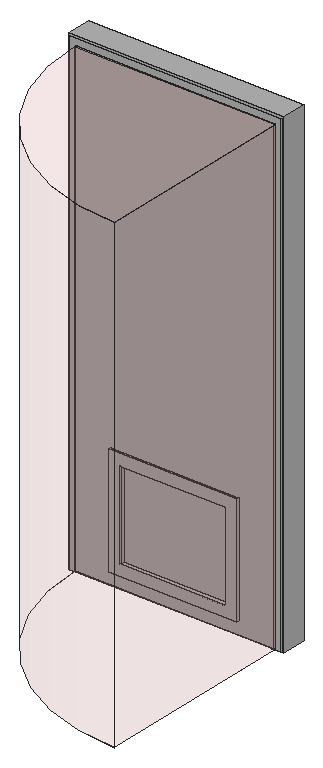
Revit family "ASSA ABLOY - ALPE Ss 60-1, signle-leaf, louver, block frame", category Doors, host Wall, Revit 2021
Family settings
  Host = Wall
  OmniClass Number = 23.30.10.00
  OmniClass Title = Doors
  Always vertical = Yes
  Cut with Voids When Loaded = No
  Shared = No
  Room Calculation Point = No
Parameters (values of type "800 x 2100 (803 x 2109)")
  Louver Visibility = Door Leaf Width > 560.000 mm  # yes
  Louver Height Range = if(Louver Height < 160.000 mm, 160.000 mm, if(Louver Height > 800.000 mm, 800.000 mm, Louver Height))  # 400.000 mm
  URL = "https://www.assaabloy.com/pl/pl"
  Type Comments = "Door leaf made of two pressed galvanised steel sheets 1,25mm thick. Filled with mineral wool glued to the sheets with polyurethane adhesive. Door with 3-sided thin rebate."
  Symbol Radius = Door Leaf Width + 9.500 mm  # 910.200 mm
  Rough Width Real = Width Round + Rough Width Conversion + Rough Width Adjustment  # 977.500 mm
  Rough Width Conversion = 177.500 mm  # constant formula
  Rough Width Adjustment = 0.000 mm  # constant formula
  Rough Height Real = Height Round + Rough Height Conversion + Rough Height Adjustment  # 2181.000 mm
  Rough Height Conversion = 81.000 mm  # constant formula
  Rough Height Adjustment = 0.000 mm  # constant formula
  Resset Value [instance] = 20.000 mm
  Opening Zone [instance] = yes
  Model = "Doorset_Steel evacuation (EN 1125) fireproof door EI60 with louvers_ASSA ABLOY Opening Solutions_Hardware 3D"
  Louver Width = if(Door Leaf Width < 700.000 mm, 300.000 mm, if(Door Leaf Width - 420.000 mm > 800.000 mm, 800.000 mm, if(Door Leaf Width < 400.000 mm, 400.000 mm, Door Leaf Width - 420.000 mm)))  # 480.700 mm
  Louver Material = Louver
  Louver Height = 400.000 mm  # constant formula
  Hinges Material = Default steel
  HW Item 9 = "1x 206253: Vercy door stopper, max 120 kg_ASSA ABLOY (option)"
  HW Item 8 = "1x Rosette set PZPZ_Standard ASSA ABLOY"
  Frame Finish [instance] = ""
  Fire Rating = "EI60"  # constant formula
  Width Round = roundup((Width / 5.000 mm)) * 5.000 mm  # 800.000 mm
  Thickness = 63.000 mm  # constant formula
  Smoke Rating = "n/a"
  Rough Width = Width Round + Rough Width Conversion + Rough Width Adjustment + 2.500 mm  # 980.000 mm
  Rough Height = Height Round + Rough Height Conversion + Rough Height Adjustment + 9.000 mm  # 2190.000 mm
  Readme = "The actual lintel height is consistent with the Rough Height parameter.\r\nThe final HW Set should be consistent with the function of the door and its  parameters.\r\nHardware mounted on door surface may affect the clear passage opening. For verification, please contact the specification department.\r\nIf you would like to change panic device to another one, please contact the specification team to verify opening and new solution compatibility."
  Provider = "ASSA ABLOY Opening Solutions"
  Product Group = "Single-Steel-Evacuation (EN 1125)"
  Name = "Steel evacuation (EN 1125) fireproof door EI60 with louvers"
  Min Door Width = 600.000 mm
  Min Door Height = 690.000 mm
  Mechanical Strength = 4
  Max Door Width = 1230.000 mm
  Max Door Height = 2500.000 mm
  Manufacturer = "ASSA ABLOY"  # constant formula
  IfcExportType = "USERDEFINED"
  IfcExportAs = "IfcDoorType"
  Height Round = roundup((Height / 5.000 mm)) * 5.000 mm  # 2100.000 mm
  Hardware Set = "2.4PL"
  HW Item 7 = "1x Handle_Standard ASSA ABLOY"
  HW Item 6 = "1x N2000: One System panic device (EN1125), type A (crossbar)_ASSA ABLOY"
  HW Item 5 = "1x SK6 Radius: euro profile cylinder_IKON"
  HW Item 4 = "1x N11xx: mechanical, panic mortice lockcase_ASSA ABLOY"
  HW Item 3 = "1x A153: mechanical opening damper_ASSA ABLOY (option)"
  HW Item 2 = "1x G195: door closer guide rail_ASSA ABLOY"
  HW Item 1 = "1x DC700/ DC500: door closer, Cam-Motion®_ASSA ABLOY"
  Function = Interior
  Height = 2100.000 mm
  Wall Closure = By host
  Width = 800.000 mm
  Frame Type = "Welded steel block frame, made of galvanised sheet 1,5mm thick."
  Frame Material = Default steel
  Family name = "2.4_DOORSET_ALPE Ss 60-1_SINGLE-LEAF_BLOCK FRAME_ASSA ABLOY PL"
  Environmental Product Declaration (EPD) = "To be confirmed with Provider"  # constant formula
  Environmental Management System = "To be confirmed with Provider"  # constant formula
  Edition number = "1"
  Door Type = "ALPE Ss 60-1"
  Door Material = Default steel
  Door Leaf Width = Width Round + Rough Width Adjustment + 100.700 mm  # 900.700 mm
  Door Finish Push Side [instance] = ""
  Door Finish Pull Side [instance] = ""
  Description = ""
  Date of publishing = ""
  Contact Provider = "https://www.assaabloy.com/pl/pl/solutions/topics/bim-specification/contact"
  Brand = "ASSA ABLOY Mercor Doors Sp. z o. o."  # constant formula
  Author = "www.archispace.pl"
Types (7, lengths in mm): name | Louver Visibility | Symbol Radius | Rough Width Real | Rough Height Real | Louver Width | Width Round | Rough Width | Rough Height | Height Round | Height | Width | Door Leaf Width
  800 x 2100 (803 x 2109) | yes | 910.200 | 977.500 | 2181.000 | 480.700 | 800.000 | 980.000 | 2190.000 | 2100.000 | 2100.000 | 800.000 | 900.700
  900 x 2100 (903 x 2109) | yes | 1010.200 | 1077.500 | 2181.000 | 580.700 | 900.000 | 1080.000 | 2190.000 | 2100.000 | 2100.000 | 900.000 | 1000.700
  1000 x 2100 (1003 x 2109) | yes | 1110.200 | 1177.500 | 2181.000 | 680.700 | 1000.000 | 1180.000 | 2190.000 | 2100.000 | 2100.000 | 1000.000 | 1100.700
  600 x 690 (603 x 699) | no | 400.200 | 467.500 | 771.000 | 300.000 | 290.000 | 470.000 | 780.000 | 690.000 | 690.000 | 290.000 | 390.700
  1100 x 2100 (1103 x 2109) | yes | 1210.200 | 1277.500 | 2181.000 | 780.700 | 1100.000 | 1280.000 | 2190.000 | 2100.000 | 2100.000 | 1100.000 | 1200.700
  1200 x 2100 (1203 x 2109) | yes | 1310.200 | 1377.500 | 2181.000 | 800.000 | 1200.000 | 1380.000 | 2190.000 | 2100.000 | 2100.000 | 1200.000 | 1300.700
  1230 x 2500 (1233 x 2509) | yes | 1340.200 | 1407.500 | 2581.000 | 800.000 | 1230.000 | 1410.000 | 2590.000 | 2500.000 | 2500.000 | 1230.000 | 1330.700
Reference planes
  plane 1: y = 0
  plane 2 "Center (Left/Right)": x = 0
  plane 3: z = 2190
  plane 4 "Exterior": y = 120
  plane 5 "Interior": y = -120
  plane 6: x = -488.75
  plane 7: x = 488.75
  plane 8: z = 2100
  plane 9: y = -20
  plane 10: y = -36
  plane 11: y = 17.5
  plane 12: y = 20
  plane 13: y = -129
  plane 14: x = -431.35
  plane 15: x = 431.35
  plane 16: z = 2163.6
  plane 17: z = 5
  plane 18: y = -108
  plane 19: x = 459.85
  plane 20: x = -490
  plane 21: x = 490
  plane 22: x = -407.75
  plane 23: x = 407.75
  plane 24: z = 2181
  plane 25: y = -100
  plane 26: x = -429.75
  plane 27: y = -58.181
  plane 28: x = -366.35
  plane 29: z = 1055
  plane 30: z = 985
  plane 31: z = 2193
  plane 32: x = 397.75
  plane 33: z = 200
  plane 34: z = 247.5
  plane 35: z = 152.5
  plane 36: x = -249.1
  plane 37: x = -240.35
  plane 38: x = 240.35
  plane 39: x = 249.1
  plane 40: z = 105
  plane 41: z = 113.75
  plane 42: z = 513.75
  plane 43: z = 522.5
Forms (mm)
  Sweep 1, solid, material "Default steel" <- "Frame Material"
    path origin (0, -120, 0) x (1, 0, 0) y (0, 0, 1)
      loop
        line (-488.75, 0) -> (-488.75, 2181) -> (488.75, 2181) -> (488.75, 0)
    profile origin (-488.75, -120, 1090.5) x (-1, 0, 0) y (0, -1, 0)
      loop
        line (-10, -20) -> (-52, -20) -> (-52, -100) -> (-59, -100) -> (-59, -84) -> (-81, -84) -> (-81, -140) -> (-10, -140) -> (-10, -137.5) -> (0, -137.5) -> (0, -22.5) -> (-10, -22.5) -> (-10, -20)
  Sweep 2, solid, material "Default steel" <- "Door Material"
    path origin (-5000, -120, 0) x (1, 0, 0) y (0, 0, 1)
      loop
        line (4568.65, 5) -> (4568.65, 2123.6) -> (5431.35, 2123.6) -> (5431.35, 5)
    profile origin (0, -120, 2123.6) x (0, 0, 1) y (0, -1, 0)
      loop
        line (0, -19) -> (19, -19) -> (19, -16.6) -> (0, -16.6) -> (0, -19)
  Sweep 3, solid, material "Default steel" <- "Door Material"
    path origin (-5000, -120, 0) x (1, 0, 0) y (0, 0, 1)
      loop
        line (5000, 5) -> (5000, 2123.6)
    profile origin (0, -120, 1064.3) x (-1, 0, 0) y (0, -1, 0)
      loop
        line (431.35, -79.6) -> (431.35, -16.6) -> (-431.35, -16.6) -> (-431.35, -79.6) -> (431.35, -79.6)
  Sweep 4, solid, material "Opening zone", visible <- "Opening Zone"
    path origin (-4946, 0, 0) x (-1, 0, 0) y (0, 0, 1)
      loop
        line (-5000, 5) -> (-5000, 2142.6)
    profile origin (54, 0, 1073.8) x (1, 0, 0) y (0, 1, 0)
      loop
        line (405.85, -108) -> (-504.35, -108)
        arc (-504.35, -108) -> (-237.759, -751.609) -> (405.85, -1018.2) r 910.2
        line (405.85, -1018.2) -> (405.85, -108)
  Sweep 5, solid, material "Default steel" <- "Door Material", visible <- "Louver Visibility"
    path origin (-431.35, -103.4, 5) x (0, 0, 1) y (-1, 0, 0)
      loop
        line (517.5, -182.25) -> (100, -182.25) -> (100, -680.45) -> (517.5, -680.45) -> (517.5, -182.25)
    profile origin (0, -103.4, 522.5) x (0, 0, 1) y (0, -1, 0)
      loop
        line (-8.75, -76) -> (41.25, -76) -> (41.25, -63) -> (0, -63) -> (0, 0) -> (41.25, 0) -> (41.25, 13) -> (-8.75, 13) -> (-8.75, -76)
  Sweep 6, solid, material "Louver" <- "Louver Material", visible <- "Louver Visibility"
    path origin (0, -120, 0) x (1, 0, 0) y (0, 0, 1)
      loop
        line (0, 113.75) -> (0, 513.75)
    profile origin (0, -120, 313.75) x (-1, 0, 0) y (0, -1, 0)
      loop
        line (240.35, -72.1) -> (240.35, -24.1) -> (-240.35, -24.1) -> (-240.35, -72.1) -> (240.35, -72.1)
  Sweep 7, void
    path origin (-5000, 0, 0) x (-1, 0, 0) y (0, 0, 1)
      loop
        line (-5000, 522.5) -> (-5000, 105)
    profile origin (0, 0, 313.75) x (0, 1, 0) y (-1, 0, 0)
      loop
        line (-40.4, 240.35) -> (-103.4, 240.35) -> (-103.4, -240.35) -> (-40.4, -240.35) -> (-40.4, 240.35)
Cuts and joins
  Sweep 7 cuts Sweep 3
  joined: Sweep 2, Sweep 3
Lines and regions (mm)
  Masking region 1, detail levels fine
    outline origin (-1177.682, -300, 2052) x (-1, 0, 0) y (0, -1, 0)
      loop
        line (-769.932, -264) -> (-769.932, -320) -> (-698.932, -320) -> (-698.932, -317.5) -> (-688.932, -317.5) -> (-688.932, -202.5) -> (-698.932, -202.5) -> (-698.932, -200) -> (-740.932, -200) -> (-740.932, -280) -> (-747.932, -280) -> (-747.932, -264) -> (-769.932, -264)
      loop
        line (-1585.432, -264) -> (-1607.432, -264) -> (-1607.432, -280) -> (-1614.432, -280) -> (-1614.432, -200) -> (-1656.432, -200) -> (-1656.432, -202.5) -> (-1666.432, -202.5) -> (-1666.432, -317.5) -> (-1656.432, -317.5) -> (-1656.432, -320) -> (-1585.432, -320) -> (-1585.432, -264)
  Masking region 2, detail levels medium
    outline origin (-1132.682, -300, 2052) x (-1, 0, 0) y (0, -1, 0)
      loop
        line (-643.932, -320) -> (-643.932, -200) -> (-724.932, -200) -> (-724.932, -320) -> (-643.932, -320)
      loop
        line (-1621.432, -320) -> (-1540.432, -320) -> (-1540.432, -200) -> (-1621.432, -200) -> (-1621.432, -320)
  Masking region 3, detail levels fine
    outline origin (-1132.682, -300, 2052) x (-1, 0, 0) y (0, -1, 0)
      loop
        circle (-1592.532, -192) r 9.5
  Opening 1
    outline origin (-5000, -120, 0) x (1, 0, 0) y (0, 0, 1)
      loop
        line (4510, 2190) -> (4510, 0) -> (5490, 0) -> (5490, 2190) -> (4510, 2190)
  symbolic lines, style "Elevation Swing"
    curve 1: line (-407.75, -120, 1095) -> (407.75, -120, 2100)
    curve 2: line (-407.75, -120, 1095) -> (407.75, -120, 5)
Text (mm)
  text "Exterior" at (-1376.75, 1099.543, 0), in view "Ref. Level"
  text "Exterior" at (0, 1615.38, 3698.081), in view "Left"
  text "Exterior" at (0, 1036.032, 3874.932), in view "Right"
Dimensions and locks
  "Rough Height": plane 3 to host wall
  equal spacing: host wall, curve 2, plane 3
  host wall to plane 3 = 2190.000 mm
  locked: plane 4 "Exterior" to host wall
  locked: plane 5 "Interior" to host wall
  equal spacing: plane 6, plane 2 "Center (Left/Right)", plane 7
  "Rough Width Real": plane 6 to plane 7
  "Height": plane 8 to level
  locked: plane 13 to plane 5 "Interior" at 9
  locked: plane 9 to plane 10 at 16
  locked: plane 15 to plane 7 at 57.4
  locked: plane 17 to level at 5
  locked: plane 6 to Masking region 2 sketch curve at 81
  equal spacing: plane 21, plane 2 "Center (Left/Right)", plane 20
  "Rough Width": plane 21 to plane 20
  locked: plane 6 to plane 14 at 57.4
  locked: plane 6 to plane 22 at 81
  locked: plane 23 to plane 7 at 81
  "Rough Height Real": plane 24 to level
  locked: plane 24 to plane 16 at 17.4
  plane 22 to nested 1 = 800.000 mm
  plane 24 to level = 2181.000 mm
  locked: Sweep 2 sketch curve to Sweep 2 sketch curve at 19
  "Resset Value": plane 5 "Interior" to plane 25
  locked: plane 12 to plane 25 at 120
  locked: plane 12 to plane 11 at 2.5
  locked: plane 26 to plane 22 at 22
  locked: plane 6 to Masking region 1 sketch curve at 10
  locked: plane 6 to Masking region 1 sketch curve at 52
  locked: profile plane to Sweep 1 sketch curve at 10
  locked: plane 12 to plane 9 at 40
  Sweep 1 to plane 7 = 52.000 mm
  plane 23 to Masking region 1 sketch curve = 22.000 mm
  locked: Masking region 1 sketch curve to plane 7 at 10
  plane 19 to plane 7 = 28.900 mm
  locked: plane 25 to plane 18 at 8
  locked: plane 12 to nested 1 at 137.5
  locked: nested 1 to plane 19 at 4.6
  locked: plane 8 to Sweep 3 sketch curve at 23.6
  locked: plane 10 to Sweep 3 sketch curve at 4.4
  locked: Sweep 3 sketch curve to Sweep 3 sketch curve at 63
  locked: plane 25 to Sweep 2 sketch curve at 1
  locked: Sweep 2 sketch curve to Sweep 2 sketch curve at 2.4
  locked: Sweep 2 sketch curve to plane 8 at 23.6
  locked: plane 16 to Sweep 2 sketch curve at 21
  locked: plane 6 to plane 28 at 122.4
  locked: plane 29 to plane 17 at 1050
  locked: plane 29 to plane 30 at 70
  locked: plane 31 to plane 3 at 3
  locked: plane 7 to plane 32 at 91
  locked: plane 33 to level at 200
  cut or joined group of Sweep 2, Sweep 3, Sweep 7 to nested 1 = 842.600 mm
  cut or joined group of Sweep 2, Sweep 3, Sweep 7 to plane 36 = 201.250 mm
  plane 41 to plane 40 to plane 17 = 8.750 mm locked, 100.000 mm
  equal spacing: plane 38, plane 2 "Center (Left/Right)", plane 37
  cut or joined group of Sweep 2, Sweep 3, Sweep 7 to plane 39 = 201.250 mm
  "Louver Width": plane 38 to plane 37
  locked: plane 43 to plane 42 at 8.75
  locked: Sweep 6 sketch curve to cut or joined group of Sweep 2, Sweep 3, Sweep 7 at 7.5
  locked: cut or joined group of Sweep 2, Sweep 3, Sweep 7 to Sweep 6 sketch curve at 7.5
  locked: plane 37 to plane 36 at 8.75
  locked: plane 39 to plane 38 at 8.75
  "Louver Height Range": plane 42 to plane 41
  locked: Masking region 1 sketch curve to Masking region 1 sketch curve at 2.5
  locked: Sweep 1 sketch curve to Sweep 1 sketch curve at 2.5
  locked: Sweep 1 to Masking region 1 sketch curve at 2.5
  "Symbol Radius": radius of Sweep 4 sketch curve
  aligned and locked: plane 1 to host wall
  aligned and locked: level to Sweep 1 sketch curve  (x2)
  aligned and locked: Sweep 1 sketch curve to plane 6
  aligned and locked: plane 7 to Sweep 1 sketch curve
  aligned and locked: plane 2 "Center (Left/Right)" to Sweep 3 sketch curve
  aligned and locked: Masking region 2 sketch curve to plane 6
  aligned and locked: Masking region 2 sketch curve to plane 7
  aligned and locked: plane 10 to Masking region 1 sketch curve
  aligned and locked: plane 9 to Masking region 1 sketch curve
  aligned and locked: plane 11 to Masking region 1 sketch curve
  aligned and locked: plane 12 to Masking region 1 sketch curve
  aligned and locked: Masking region 1 sketch curve to plane 10
  aligned and locked: Masking region 1 sketch curve to plane 9
  aligned and locked: Masking region 1 sketch curve to plane 11
  aligned and locked: Masking region 1 sketch curve to plane 12
  aligned and locked: Sweep 1 sketch curve to plane 10
  aligned and locked: Sweep 1 sketch curve to plane 9
  aligned and locked: plane 11 to Sweep 1 sketch curve
  aligned and locked: plane 12 to Sweep 1 sketch curve
  aligned and locked: Masking region 2 sketch curve to plane 12
  aligned and locked: plane 12 to Masking region 2 sketch curve
  aligned and locked: plane 14 to Sweep 2 sketch curve
  aligned and locked: plane 15 to Sweep 2 sketch curve
  aligned and locked: plane 15 to Sweep 3 sketch curve
  aligned and locked: plane 14 to Sweep 3 sketch curve
  aligned and locked: plane 18 to Masking region 3 sketch curve
  aligned and locked: plane 19 to Masking region 3 sketch curve
  aligned and locked: level to Opening 1 sketch curve
  aligned and locked: plane 3 to Opening 1 sketch curve
  aligned and locked: plane 20 to Opening 1 sketch curve
  aligned and locked: Opening 1 sketch curve to plane 21
  aligned and locked: Sweep 1 sketch curve to plane 24
  aligned and locked: plane 17 to Sweep 2 sketch curve  (x2)
  aligned and locked: plane 17 to Sweep 3 sketch curve
  aligned and locked: plane 17 to Sweep 4 sketch curve
  aligned and locked: plane 23 to curve 2
  aligned and locked: plane 17 to curve 2
  aligned and locked: plane 23 to curve 1
  aligned and locked: plane 8 to curve 1
  aligned and locked: plane 22 to curve 1
  aligned and locked: Masking region 1 sketch curve to plane 22
  aligned and locked: Masking region 1 sketch curve to plane 23
  aligned and locked: Sweep 1 sketch curve to plane 22
  aligned and locked: Sweep 4 sketch curve to plane 19
  aligned and locked: plane 18 to Sweep 4 sketch curve
  aligned and locked: cut or joined group of Sweep 2, Sweep 3, Sweep 7 to Sweep 4 sketch curve
  aligned and locked: plane 26 to Masking region 1 sketch curve
  aligned and locked: plane 25 to Masking region 1 sketch curve
  aligned and locked: Sweep 1 sketch curve to plane 26
  aligned and locked: Sweep 1 sketch curve to plane 25
  aligned and locked: Masking region 1 sketch curve to plane 25
  aligned and locked: plane 25 to Masking region 2 sketch curve
  aligned and locked: plane 23 to Masking region 2 sketch curve
  aligned and locked: Masking region 2 sketch curve to plane 25
  aligned and locked: plane 36 to Sweep 5 sketch curve
  aligned and locked: Sweep 5 sketch curve to plane 43
  aligned and locked: Sweep 5 sketch curve to plane 39
  aligned and locked: plane 40 to Sweep 5 sketch curve
  aligned and locked: plane 42 to Sweep 6 sketch curve
  aligned and locked: plane 41 to Sweep 6 sketch curve
  aligned and locked: plane 37 to Sweep 6 sketch curve
  aligned and locked: Sweep 6 sketch curve to plane 38
  aligned and locked: plane 2 "Center (Left/Right)" to Sweep 7 sketch curve
  aligned and locked: plane 43 to Sweep 7 sketch curve
  aligned and locked: plane 40 to Sweep 7 sketch curve
  aligned and locked: plane 37 to Sweep 7 sketch curve
  aligned and locked: plane 38 to Sweep 7 sketch curve
  aligned and locked: cut or joined group of Sweep 2, Sweep 3, Sweep 7 to Sweep 7 sketch curve  (x2)
  aligned and locked: Masking region 1 sketch curve to Sweep 1  (x2)
  aligned and locked: Sweep 1 sketch curve to Sweep 1 sketch curve
Automatic sketch dimensions
  plane 2 "Center (Left/Right)" to Sweep 4 sketch curve = 54.000 mm
  profile plane to Sweep 5 sketch curve = 0.000 mm  (x2)
  profile plane to Sweep 5 sketch curve = 8.750 mm
  Sweep 5 sketch curve to profile plane = 41.250 mm  (x2)
  Sweep 5 sketch curve to profile plane = 76.000 mm
  Sweep 5 sketch curve to Sweep 5 sketch curve = 13.000 mm  (x2)
  Sweep 6 sketch curve to plane 2 "Center (Left/Right)" = 0.000 mm
  Sweep 1 sketch curve to Sweep 1 sketch curve = 7.000 mm
  Sweep 1 sketch curve to profile plane = 0.000 mm
  Masking region 1 sketch curve to plane 7 = 0.000 mm
  Masking region 1 sketch curve to plane 6 = 0.000 mm
  Masking region 1 sketch curve to plane 15 = 5.400 mm
  radius of Masking region 3 sketch curve = 9.500 mm
Nested families
  nested 1: "Detail_Door symbol" at (-39.9, -100, 2052), type "Detail_Door symbol"
Definition of nested family "Detail_Door symbol"
  Parameters (values of type "Detail_Door symbol")
    Symbol Radius = Door Leaf Width + 9.500 mm  # 1019.200 mm
    Rough Width = 997.500 mm
    Door Leaf Width = 1009.700 mm
  Reference planes
    plane 1 "Center (Front/Back)": y = 0
    plane 2: z = 0
    plane 3 "Center (Left/Right)": x = 0
    plane 4: x = -498.75
    plane 5: x = 498.75
    plane 6: y = -8
    plane 7: x = 509.75
    plane 8: x = 502.75
    plane 9: x = 505.15
    plane 10: x = 442.15
    plane 11: y = -17.5
    plane 12: y = -36.5
    plane 13: y = -1027.2
    plane 14: y = -1008.2
  Lines and regions (mm)
    Filled region 1, type "Solid Fill - White", in view "Ref. Level", detail levels fine
      outline origin (-28.5, 43.059, 0) x (0, 1, 0) y (-1, 0, 0)
        loop
          line (-60.559, -533.65) -> (-60.559, -531.25) -> (-79.559, -531.25) -> (-79.559, -470.65) -> (-1051.259, -470.65) -> (-1051.259, -531.25) -> (-1070.259, -531.25) -> (-1070.259, -533.65) -> (-60.559, -533.65)
    Filled region 2, type "Solid Fill - White", in view "Ref. Level", detail levels medium
      outline origin (-28.5, 43.059, 0) x (0, 1, 0) y (-1, 0, 0)
        loop
          line (-60.559, -533.65) -> (-60.559, -470.65) -> (-1070.259, -470.65) -> (-1070.259, -533.65) -> (-60.559, -533.65)
    detail lines, in view "Ref. Level"
      curve 1: arc (509.75, -1027.2, 0) -> (-210.933, -728.683, 0) -> (-509.45, -8, 0) r 1019.2
    detail lines, in view "Ref. Level", detail levels coarse
      curve 2: line (509.75, -1027.2, 0) -> (509.75, -8, 0)
  Dimensions and locks
    equal spacing: plane 4, plane 3 "Center (Left/Right)", plane 5
    "Rough Width": plane 4 to plane 5
    locked: plane 5 to plane 7 at 11
    locked: plane 6 to plane 1 "Center (Front/Back)" at 8
    locked: plane 5 to plane 8 at 4
    locked: plane 5 to plane 9 at 6.4
    locked: plane 10 to plane 9 at 63
    locked: plane 11 to plane 1 "Center (Front/Back)" at 17.5
    locked: plane 11 to plane 12 at 19
    "Door Leaf Width": plane 11 to plane 13
    locked: plane 14 to plane 13 at 19
    "Symbol Radius": radius of curve 1
    aligned and locked: plane 7 to curve 1
    aligned and locked: Filled region 1 sketch curve to plane 9
    aligned and locked: plane 11 to Filled region 1 sketch curve
    aligned and locked: plane 8 to Filled region 1 sketch curve  (x2)
    aligned and locked: plane 12 to Filled region 1 sketch curve
    aligned and locked: Filled region 1 sketch curve to plane 10
    aligned and locked: Filled region 1 sketch curve to plane 13
    aligned and locked: Filled region 1 sketch curve to plane 14
    aligned and locked: plane 11 to Filled region 2 sketch curve
    aligned and locked: Filled region 2 sketch curve to plane 9
    aligned and locked: Filled region 2 sketch curve to plane 10
    aligned and locked: Filled region 2 sketch curve to plane 13
    aligned and locked: plane 6 to curve 2
    aligned and locked: curve 2 to plane 7
    aligned and locked: plane 6 to curve 1
